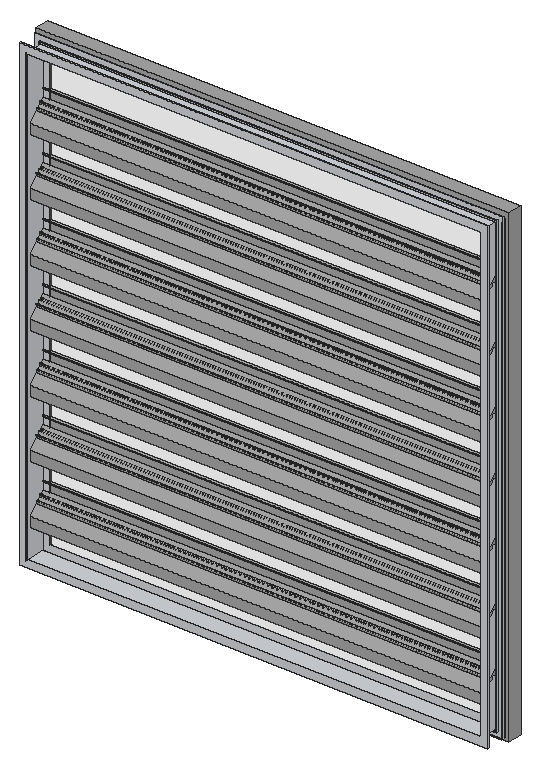
Revit family
Parameters
  Weight = "3 lb/sq.ft."  # constant formula
  Warranty = "All materials and workmanship are warranted for a period of 1 year from date of completion."  # constant formula
  URL = "http://www.industriallouvers.com"
  Surface Finish = "Aluminum, Anodized, or Kynar finish"  # constant formula
  Support Material = Aluminum
  Subcategory = "Thinline"  # constant formula
  Static Pressure Loss = ""
  Specifications  URL = "http://www.industriallouvers.com/downloads/Thinline/250_SD.doc"
  Screen Width [instance] = Louver Width - 0' 0 1/2"  # 3' - 11 1/2"
  Screen Material = Screen Material
  Screen Height [instance] = Louver Height - 0' 0 1/2"  # 3' - 11 1/2"
  SMARTBIM URL = "http://www.SMARTBIM.com"
  SMARTBIM Object Version = 3  # constant formula
  SMARTBIM Object Created By = "SMARTBIM, LLC"  # constant formula
  SMARTBIM Contact = "mailto:SMARTBIM@SMARTBIM.com"
  Product Submittal URL = "http://www.industriallouvers.com/downloads/Thinline/250_PS.pdf"
  Product Page URL = "http://www.industriallouvers.com/lv_thin.php"
  Number of Blades [instance] = (Louver Height - 0' 8 5/8") / 0' 6"  # 7
  Model = "250"  # constant formula
  Minimum Height = 0' - 8"  # constant formula
  Maximum Water Penetration = ""
  Maximum Size - Single Section [instance] = "One dimension not to exceed 78\" or 300 lbs"
  Material = "Aluminum"  # constant formula
  Manufacturer Toll Free Phone = "1-800-328-3421"  # constant formula
  Manufacturer Phone = "763-972-2981"  # constant formula
  Manufacturer Fax = "763-972-2911"  # constant formula
  Manufacturer Email = "mailto:ilinfo@industriallouvers.com"
  Manufacturer Address = "511 S. 7th Street, Delano, MN 55328"  # constant formula
  Manufacturer = "Industrial Louvers, Inc."  # constant formula
  Maintenance = "http://www.industriallouvers.com/prod-forms/Maintenance%20Instructions.pdf"
  Louver Width [instance] = 4' - 0"
  Louver Height [instance] = 4' - 0"
  Installation URL = "http://www.industriallouvers.com/downloads/Thinline/250_II.pdf"
  Height [instance] = if(Louver Height < 1' 6", 1' 6", Louver Height + 0' 0 1/8")  # 4' - 0 1/8"
  Free Area for 48”x48” Louver = "39.3%"  # constant formula
  Free Area (ft²) for 48" x 48" Louver = "6.28"  # constant formula
  Frame Material = Aluminum
  Fill Material = Product Filling
  Description = "Thinline"  # constant formula
  Depth = 0' - 2"  # constant formula
  Default Elevation = 4' - 0"
  Cost Info = "Contact Factory"  # constant formula
  CAD Drawings = "http://www.industriallouvers.com/downloads/Thinline/250_ACD.dwg"
  Blade Width [instance] = Louver Width - 0' 1 1/2"  # 3' - 10 1/2"
  Blade Start Height [instance] = 0' 1" + (((Louver Height - Blade Region Height) / 2) / 2) - 0' 0 5/64"  # 0' - 3 59/64"
  Blade Region Height [instance] = (Blade Count) * 0' 6" - 0' 6"  # 3' - 0"
  Blade Material = Aluminum
  Blade Count [instance] = if(((Louver Height - 0' 5 1/2") / 0' 5") < 2, 2, ((Louver Height - 0' 8 5/8") / 0' 6"))  # 7
  Assembly Code = "B2010300"
  95 CSI = "10200"  # constant formula
  04 CSI = "08 91 00"  # constant formula
Reference planes (in)
  plane 1 "Center (Front/Back)": y = 1
  plane 2: z = 0
  plane 3 "Center (Left/Right)": x = 0
  plane 4: x = -24.2
  plane 5 "Back of Blade": y = 2
  plane 6: z = 4.04688
  plane 7: z = 40.04688
  plane 8: z = 48.47554
  plane 9 "Back of Screen": y = 2.345
  plane 10: y = 2.47
  plane 11: y = 3.845
  plane 12 "Front of Louver": y = 0
  plane 13: z = 24.30027
  plane 14: x = -23.25
  plane 15: y = 0
  plane 16: z = 24.30027
  plane 17: z = 0.25
  plane 18: z = 37.51563
  plane 19: z = 47.55027
  plane 20: x = -24
  plane 21: z = 0.30027
  plane 22 "AAA": z = 48.30027
  plane 23: x = 24.2
  plane 24: x = 23.25
  plane 25: x = 24
  plane 26 "AA": z = 0.30027
Forms (in)
  Sweep 1, solid, material "Aluminum" <- "Support Material"
    path origin (0, 1, 0) x (1, 0, 0) y (0, 0, 1)
      loop
        line (-24.2, 48.47554) -> (-24.2, 0) -> (24.2, 0) -> (24.2, 48.47554) -> (-24.2, 48.47554)
    profile origin (0, 1, 48.47554) x (0, 0, 1) y (0, -1, 0)
      loop
        line (-1.5, -1.345) -> (-1.5, -1.47) -> (-0.125, -1.47) -> (-0.125, -2.845) -> (0, -2.845) -> (0, -1.345) -> (-1.5, -1.345)
  Sweep 2, solid
    path origin (0, 1, 0) x (1, 0, 0) y (0, 0, 1)
      loop
        line (-24, 48.30027) -> (-24, 0.30027) -> (24, 0.30027) -> (24, 48.30027) -> (-24, 48.30027)
    profile origin (0, 1, 48.30027) x (0, 0, 1) y (0, -1, 0)
      loop
        line (-0.57473, -0.936) -> (-0.57473, -0.75) -> (-0.63873, -0.75) -> (-0.63873, -0.936) -> (-0.76673, -0.936) -> (-0.76673, 0.936) -> (-0.63873, 0.936) -> (-0.63873, 0.75) -> (-0.57473, 0.75) -> (-0.57473, 0.936) -> (-0.07473, 0.936) -> (-0.07473, 1) -> (-0.83073, 1) -> (-0.83073, -0.936) -> (-1.57473, -0.936) -> (-1.57473, -1) -> (-0.07473, -1) -> (-0.07473, -0.936) -> (-0.57473, -0.936)
Dimensions and locks (in)
  "Blade Region Height": plane 7 to plane 6
  plane 6 to level = 0' - 4 3/64"
  locked: plane 11 to plane 9 "Back of Screen" at 1.5
  locked: plane 10 to plane 9 "Back of Screen" at 0.125
  locked: plane 9 "Back of Screen" to plane 5 "Back of Blade" at 0.345
  locked: plane 4 to plane 14 at 0.95
  locked: plane 17 to level at 0.25
  locked: plane 7 to plane 18 at 2.53125
  locked: plane 8 to plane 19 at 0.92527
  locked: plane 4 to plane 20 at 0.2
  locked: plane 22 "AAA" to plane 8 at 0.17527
  locked: plane 21 to plane 6 at 3.74661
  "Louver Height": plane 21 to plane 22 "AAA"
  equal spacing: plane 21, plane 16, plane 22 "AAA"
  locked: plane 23 to plane 24 at 0.95
  locked: plane 23 to plane 25 at 0.2
  equal spacing: plane 20, plane 3 "Center (Left/Right)", plane 25
  "Louver Width": plane 20 to plane 25
  equal spacing: plane 5 "Back of Blade", plane 1 "Center (Front/Back)", plane 15
  "Depth": plane 5 "Back of Blade" to plane 15
  locked: plane 26 "AA" to level at 0.30027
  equal spacing: group 1, group 3, group 4, group 5, group 6, group 7, group 2  (x3)
  aligned and locked: Sweep 1 sketch curve to plane 8
  aligned and locked: Sweep 1 sketch curve to level
  aligned and locked: Sweep 1 sketch curve to plane 4
  aligned and locked: Sweep 1 to plane 9 "Back of Screen"
  aligned and locked: nested 1 to plane 9 "Back of Screen"
  aligned and locked: nested 1 to plane 5 "Back of Blade"
  aligned and locked: plane 3 "Center (Left/Right)" to nested 1
  aligned and locked: plane 16 to plane 13
  aligned and locked: plane 17 to nested 1
  aligned and locked: plane 3 "Center (Left/Right)" to nested 2
  aligned and locked: plane 6 to nested 2
  aligned and locked: nested 2 to plane 5 "Back of Blade"
  aligned and locked: plane 23 to Sweep 1 sketch curve
  aligned and locked: plane 12 "Front of Louver" to plane 15
  aligned and locked: plane 20 to Sweep 2 sketch curve
  aligned and locked: plane 22 "AAA" to Sweep 2 sketch curve
  aligned and locked: plane 21 to Sweep 2 sketch curve
  aligned and locked: Sweep 2 sketch curve to plane 25
  aligned and locked: plane 3 "Center (Left/Right)" to nested 3
  aligned and locked: plane 7 to nested 3
  aligned and locked: nested 3 to plane 5 "Back of Blade"
Automatic sketch dimensions
  profile plane to Sweep 1 sketch curve = 0' - 0"
  Sweep 1 sketch curve to Sweep 1 sketch curve = 0' - 0 1/8"  (x2)
  Sweep 1 sketch curve to Sweep 1 sketch curve = 0' - 1 3/8"  (x2)
  Sweep 1 sketch curve to plane 1 "Center (Front/Back)" = 0' - 2.845"
  profile plane to Sweep 2 sketch curve = 0' - 1.57473"
  profile plane to Sweep 2 sketch curve = 0' - 0.83073"
  Sweep 2 sketch curve to Sweep 2 sketch curve = 0' - 0.064"  (x6)
  Sweep 2 sketch curve to Sweep 2 sketch curve = 0' - 0.128"  (x2)
  profile plane to Sweep 2 sketch curve = 0' - 0.07473"  (x2)
  Sweep 2 sketch curve to plane 1 "Center (Front/Back)" = 0' - 1"
  Sweep 2 sketch curve to Sweep 2 sketch curve = 0' - 0"
  Sweep 2 sketch curve to Sweep 2 sketch curve = 0' - 0.186"  (x3)
  plane 1 "Center (Front/Back)" to Sweep 2 sketch curve = 0' - 0 3/4"
Nested families (in)
  nested 1: "Louver Screen" at (18, 2, 0.25), Height <- "Screen Height", Width <- "Screen Width", type "Louver Screen"
    with Width 3' - 11 1/2", Height 3' - 11 1/2", Depth 0' - 0.345"
  nested 2: "Louver-Blade_250_IndustrialLouver" at (0, 2, 4.04688), type "Louver-Blade_250_IndustrialLouver"
  nested 3: "Louver-Blade_250_IndustrialLouver" at (0, 2, 40.04688), type "Louver-Blade_250_IndustrialLouver"
  nested 4: "Louver-Blade_250_IndustrialLouver" at (0, 2, 10.04688), type "Louver-Blade_250_IndustrialLouver"
  nested 5: "Louver-Blade_250_IndustrialLouver" at (0, 2, 16.04688), type "Louver-Blade_250_IndustrialLouver"
  nested 6: "Louver-Blade_250_IndustrialLouver" at (0, 2, 22.04688), type "Louver-Blade_250_IndustrialLouver"
  nested 7: "Louver-Blade_250_IndustrialLouver" at (0, 2, 28.04688), type "Louver-Blade_250_IndustrialLouver"
  nested 8: "Louver-Blade_250_IndustrialLouver" at (0, 2, 34.04688), type "Louver-Blade_250_IndustrialLouver"
Connectors (in)
  hvac at (0, 2.47, 24.23777), driven by "Louver Width", driven by "Louver Height"
    settings: on Sweep 1, index 1, duct flow 0 CFM, flow factor 0, pres drop 0.00 in-wg, loss coef 0, conn angle 0.00°, conn width 48", conn height 48", conn radius 12", duct sys type 1, conn prof type 1, flow config 0, flow direction 0, loss method 0, conn ref index -1, conn util no, is conn primary yes, conn desc ""
Definition of nested family "Louver Screen"
  Parameters (values of type "Louver Screen")
    Width [instance] = 5' - 0"
    Screen Frame = Aluminum
    Screen = Screen Material
    Height [instance] = 2' - 0"
    Depth [instance] = 0' - 0 115/256"
  Reference planes (in)
    plane 1 "Front": y = 0
    plane 2: z = 0
    plane 3 "Center (Left/Right)": x = -18
    plane 4: x = -48
    plane 5: x = 12
    plane 6: z = 24
    plane 7: x = -47.25
    plane 8: x = 11.25
    plane 9: z = 23.25
    plane 10: z = 0.75
    plane 11 "Back": y = 0.44922
    plane 12 "Center (Front/Back)": y = 0.22461
    plane 13: y = 0.19336
    plane 14: y = 0.25586
  Forms (in)
    Sweep 1, solid, material "Aluminum" <- "Screen Frame"
      path origin (0, 0, 0) x (1, 0, 0) y (0, 0, 1)
        loop
          line (-48, 24) -> (-48, 0) -> (12, 0) -> (12, 24) -> (-48, 24)
      profile origin (-18, 0, 24) x (0, 0, 1) y (0, -1, 0)
        loop
          line (0, 0) -> (-0.75, 0) -> (-0.75, -0.44922) -> (0, -0.44922) -> (0, 0)
    Extrusion 2, solid, material "Screen Material" <- "Screen"
      sketch origin (0, 0, 0) x (1, 0, 0) y (0, 0, 1)
        loop
          line (-47.25, 0.75) -> (11.25, 0.75) -> (11.25, 23.25) -> (-47.25, 23.25) -> (-47.25, 0.75)
      from -0.19336 to -0.25586
  Dimensions and locks (in)
    equal spacing: plane 4, plane 3 "Center (Left/Right)", plane 5
    "Width": plane 4 to plane 5
    "Height": plane 6 to level
    locked: Sweep 1 sketch curve to Sweep 1 sketch curve at 0.75
    locked: plane 6 to plane 9 at 0.75
    locked: plane 4 to plane 7 at 0.75
    locked: plane 5 to plane 8 at 0.75
    locked: plane 10 to level at 0.75
    "Depth": plane 1 "Front" to plane 11 "Back"
    equal spacing: plane 1 "Front", plane 12 "Center (Front/Back)", plane 11 "Back"
    plane 14 to plane 12 "Center (Front/Back)" to plane 13 = 0' - 0 1/32" locked, 0' - 0 1/32" locked
    aligned and locked: Sweep 1 sketch curve to plane 6
    aligned and locked: Sweep 1 sketch curve to plane 4
    aligned and locked: Sweep 1 sketch curve to level
    aligned and locked: Sweep 1 sketch curve to plane 5
    aligned and locked: Extrusion 2 sketch curve to plane 7
    aligned and locked: Extrusion 2 sketch curve to plane 9
    aligned and locked: Extrusion 2 sketch curve to plane 10
    aligned and locked: Extrusion 2 sketch curve to plane 8
    aligned and locked: plane 11 "Back" to Sweep 1
    aligned and locked: plane 1 "Front" to Sweep 1 sketch curve
    aligned and locked: plane 11 "Back" to Sweep 1 sketch curve
    aligned and locked: plane 14 to Extrusion 2
    aligned and locked: Extrusion 2 to plane 13
  Automatic sketch dimensions
    profile plane to Sweep 1 sketch curve = 0' - 0"
Definition of nested family "Louver-Blade_250_IndustrialLouver"
  Parameters (values of type "Louver-Blade_650XP_IndustrialLouver")
    Width = 3' - 10 1/2"
    Fill Material = Product Filling
    Blade Material = Aluminum
    Assembly Code = ""
  Reference planes (in)
    plane 1 "Center (Front/Back)": y = 0
    plane 2: z = 0
    plane 3 "Center (Left/Right)": x = 0
    plane 4: x = -23.25
    plane 5: x = 23.25
    plane 6: z = 3.625
    plane 7: z = 1.8125
  Forms (in)
    Extrusion 1, solid, material "Aluminum" <- "Blade Material"
      sketch origin (0, 0, 0.11613) x (0, 1, 0) y (0, 0, 1)
        loop
          line (0, 2.53205) -> (0, 3.53205) -> (-0.125, 3.40705) -> (-0.125, 3.31937) -> (-0.062, 3.38237) -> (-0.062, 2.55773) -> (-0.75654, 1.86319)
          arc (-0.75654, 1.86319) -> (-0.90681, 1.83493) -> (-0.93507, 1.68465) r 0.1355
          line (-0.93507, 1.68465) -> (-1.75, 0.86973) -> (-1.75, -0.13027) -> (-1.625, -0.00527) -> (-1.625, 0.08241) -> (-1.688, 0.01941) -> (-1.688, 0.84405) -> (-0.89735, 1.6347)
          arc (-0.89735, 1.6347) -> (-0.85938, 1.61255) -> (-0.81632, 1.60372) r 0.1355
          arc (-0.81632, 1.60372) -> (-0.79089, 1.61535) -> (-0.78517, 1.64272) r 0.03099
          arc (-0.78517, 1.64272) -> (-0.79576, 1.65892) -> (-0.81389, 1.66567) r 0.03099
          arc (-0.81389, 1.66567) -> (-0.86297, 1.79109) -> (-0.73756, 1.74201) r 0.0735
          arc (-0.73756, 1.74201) -> (-0.7308, 1.72388) -> (-0.7146, 1.71329) r 0.03099
          arc (-0.7146, 1.71329) -> (-0.68723, 1.719) -> (-0.6756, 1.74444) r 0.03099
          arc (-0.6756, 1.74444) -> (-0.68443, 1.7875) -> (-0.70658, 1.82547) r 0.1355
          line (-0.70658, 1.82547) -> (-0.44512, 2.08693)
          arc (-0.44512, 2.08693) -> (-0.39894, 2.01554) -> (-0.31932, 1.98572) r 0.1355
          arc (-0.31932, 1.98572) -> (-0.29389, 1.99735) -> (-0.28817, 2.02472) r 0.03099
          arc (-0.28817, 2.02472) -> (-0.29876, 2.04092) -> (-0.31689, 2.04767) r 0.03099
          arc (-0.31689, 2.04767) -> (-0.36597, 2.17309) -> (-0.24056, 2.12401) r 0.0735
          arc (-0.24056, 2.12401) -> (-0.2338, 2.10588) -> (-0.2176, 2.09529) r 0.03099
          arc (-0.2176, 2.09529) -> (-0.19023, 2.101) -> (-0.1786, 2.12644) r 0.03099
          arc (-0.1786, 2.12644) -> (-0.20843, 2.20605) -> (-0.27981, 2.25223) r 0.1355
          line (-0.27981, 2.25223) -> (0, 2.53205)
      from -23.25 to 23.25
  Dimensions and locks (in)
    equal spacing: plane 4, plane 3 "Center (Left/Right)", plane 5
    "Width": plane 4 to plane 5
    plane 6 to level = 0' - 3 5/8"
    equal spacing: plane 6, plane 7, plane 2
    aligned and locked: Extrusion 1 to plane 4
    aligned and locked: plane 5 to Extrusion 1
  Automatic sketch dimensions
    plane 1 "Center (Front/Back)" to Extrusion 1 sketch curve = 0' - 0.062"
    Extrusion 1 sketch curve to Extrusion 1 sketch curve = 0' - 0.063"  (x3)
    plane 7 to Extrusion 1 sketch curve = 0' - 0.83568"
    Extrusion 1 sketch curve to plane 6 = 0' - 0.1895"
    Extrusion 1 sketch curve to Extrusion 1 sketch curve = 0' - 0.02468"
    plane 6 to Extrusion 1 sketch curve = 0' - 0.02318"
    plane 1 "Center (Front/Back)" to Extrusion 1 sketch curve = 0' - 0.75654"
    plane 1 "Center (Front/Back)" to Extrusion 1 sketch curve = 0' - 0.314"
    Extrusion 1 sketch curve to Extrusion 1 sketch curve = 0' - 0.03419"
    Extrusion 1 sketch curve to Extrusion 1 sketch curve = 0' - 0.0964"
    Extrusion 1 sketch curve to Extrusion 1 sketch curve = 0' - 0.00803"  (x2)
    Extrusion 1 sketch curve to Extrusion 1 sketch curve = 0' - 0.03097"  (x3)
    Extrusion 1 sketch curve to Extrusion 1 sketch curve = 0' - 0"  (x18)
    plane 1 "Center (Front/Back)" to Extrusion 1 sketch curve = 0' - 0"
    plane 7 to Extrusion 1 sketch curve = 0' - 0.39892"
    Extrusion 1 sketch curve to Extrusion 1 sketch curve = 0' - 0.02583"
    Extrusion 1 sketch curve to Extrusion 1 sketch curve = 0' - 0.02568"  (x2)
    Extrusion 1 sketch curve to Extrusion 1 sketch curve = 0' - 0.00532"
    Extrusion 1 sketch curve to Extrusion 1 sketch curve = 0' - 0.00121"  (x2)
    Extrusion 1 sketch curve to Extrusion 1 sketch curve = 0' - 0.00122"  (x2)
    Extrusion 1 sketch curve to Extrusion 1 sketch curve = 0' - 0.02993"
    Extrusion 1 sketch curve to Extrusion 1 sketch curve = 0' - 0.03099"  (x2)
    Extrusion 1 sketch curve to Extrusion 1 sketch curve = 0' - 0.1354"
    Extrusion 1 sketch curve to Extrusion 1 sketch curve = 0' - 0.12823"
    Extrusion 1 sketch curve to plane 7 = 0' - 0 3/256"
    Extrusion 1 sketch curve to plane 7 = 0' - 0.0307"
    Extrusion 1 sketch curve to Extrusion 1 sketch curve = 0' - 0.12118"
    Extrusion 1 sketch curve to Extrusion 1 sketch curve = 0' - 0.00289"
    plane 7 to Extrusion 1 sketch curve = 0' - 0.04564"
    Extrusion 1 sketch curve to Extrusion 1 sketch curve = 0' - 0.07344"
    Extrusion 1 sketch curve to Extrusion 1 sketch curve = 0' - 0.02296"
    Extrusion 1 sketch curve to Extrusion 1 sketch curve = 0' - 0.04996"
    plane 7 to Extrusion 1 sketch curve = 0' - 0.1291"
    plane 7 to Extrusion 1 sketch curve = 0' - 0.01692"
    Extrusion 1 sketch curve to Extrusion 1 sketch curve = 0' - 0.02994"
    plane 1 "Center (Front/Back)" to Extrusion 1 sketch curve = 0' - 1 3/4"
    Extrusion 1 sketch curve to plane 7 = 0' - 0.82664"
    Extrusion 1 sketch curve to level = 0' - 0.01414"
    Extrusion 1 sketch curve to Extrusion 1 sketch curve = 0' - 0.062"
    level to Extrusion 1 sketch curve = 0' - 0.13554"
    level to Extrusion 1 sketch curve = 0' - 0.19854"
    level to Extrusion 1 sketch curve = 0' - 0.11086"
    Extrusion 1 sketch curve to plane 7 = 0' - 0.06167"
